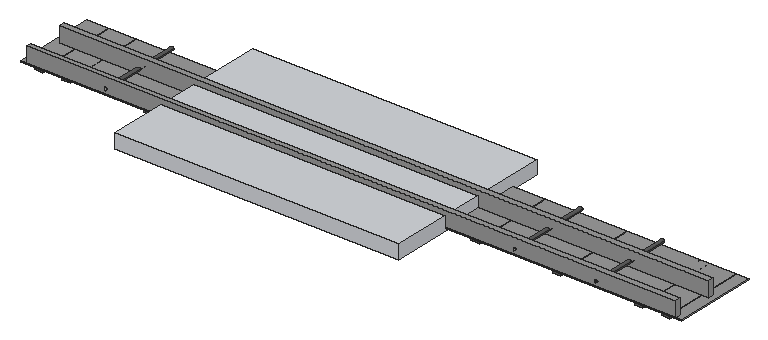
Revit family "1413-4, Veneer", category Generic Models, host Face, Revit 2020
Family settings
  Host = Face
  Can host rebar = No
  Round Connector Dimension = Use Diameter
  Part Type = Normal
  Cut with Voids When Loaded = No
  Shared = No
  Room Calculation Point = No
Parameters
  min_value [instance] = 2' - 4"  # constant formula
  max_value [instance] = 9' - 11 1/4"  # constant formula
  actual_value [instance] = if(NET LENGTH < min_value, min_value, if(NET LENGTH > max_value, max_value, NET LENGTH))  # 7' - 11 1/4"
  SCRIM MATERIAL [instance] = SCRIM
  SCRIM APPEARANCE [instance] = yes
  NET LENGTH [instance] = 7' - 11 1/4"
  IMPORTANT NOTE!!!                                                                             *Backer & dowel layout is for visualization purposes only, final layout to be determined by 9Wood. [instance] = ""
  Default Elevation = 4' - 0"
  DOWEL RADIUS [instance] = 0' - 0 1/4"  # constant formula
  BACKER & DOWEL MATERIAL [instance] = BLACK-BACKERS
  .. MEMBER WIDTH [instance] = 0' - 0 3/4"  # constant formula
  .. MEMBER MATERIAL [instance] = Veneer Cherry
  .. MEMBER DEPTH [instance] = 0' - 2 1/4"  # constant formula
  .. MEMBER COUNT [instance] = 2  # constant formula
Reference planes (in)
  plane 1 "Center (Front/Back)": y = 0
  plane 2: z = 0
  plane 3 "Center (Left/Right)": x = 0
Forms (in)
  Extrusion 1, solid
    sketch origin (0, 0, 0) x (1, 0, 0) y (0, 1, 0)
      loop
        line (-24.24823, 14.63962) -> (-24.24823, -10.69266) -> (17.36192, -10.69266) -> (17.36192, 14.63962) -> (-24.24823, 14.63962)
    from 0 to 2.0625
Dimensions and locks (in)
  aligned and locked: plane 2 to Extrusion 1
Nested families (in)
  nested 1: "1400 series" at (-44.01308, -2.1224, 0.00189), NET LENGTH <- "actual_value", .. MEMBER DEPTH <- ".. MEMBER DEPTH", .. MEMBER WIDTH <- ".. MEMBER WIDTH", DOWEL RADIUS <- "DOWEL RADIUS", BACKER & DOWEL MATERIAL <- "BACKER & DOWEL MATERIAL", .. MEMBER MATERIAL <- ".. MEMBER MATERIAL", SCRIM MATERIAL <- "SCRIM MATERIAL", MEMBER COUNT <- ".. MEMBER COUNT", SCRIM APPEARANCE <- "SCRIM APPEARANCE", type "1400 series"
    with X 7' - 8", SCRIM MATERIAL SCRIM, SCRIM LENGTH 8' - 1", SCRIM APPEARANCE yes, SCRIM 2 0' - 0 7/8", SCRIM 1 0' - 0 3/32", OC TYP 1' - 0", NET LENGTH 7' - 11 1/4", N 8, MEMBER COUNT 2, INSET 2 0' - 0 3/16", INSET 0' - 1", HALF MEMBER WIDTH 0' - 0 3/8", END BACKER yes, DOWEL RADIUS 0' - 0 1/4", DOWEL INDEX 0' - 11 5/8", DOWEL COUNT 7, BACKING M COUNT 8, BACKER WIDTH 0' - 1 1/4", BACKER INDEX 0' - 5 5/8", BACKER DEPTH 0' - 0 1/2", BACKER & DOWEL MATERIAL BLACK-BACKERS, BACKER &  DOWEL LENGTH 0' - 11 7/8", .. MEMBER WIDTH 0' - 0 3/4", .. MEMBER OC TYP 0' - 6", .. MEMBER MATERIAL Veneer Cherry, .. MEMBER DEPTH 0' - 2 1/4"
Definition of nested family "1400 series"
  Parameters (values of type "1400 series")
    X [instance] = NET LENGTH - 0' 3 1/4"  # 7' - 2"
    SCRIM MATERIAL [instance] = none
    SCRIM APPEARANCE [instance] = yes
    SCRIM 2 [instance] = 0' - 0 7/8"  # constant formula
    SCRIM 1 [instance] = 0' - 0 3/32"  # constant formula
    OC TYP [instance] = 1' - 0"  # constant formula
    N [instance] = if((X - (rounddown(X / 1' 0") * 1' 0")) > 1' 0", rounddown(X / 1' 0") + 2, rounddown(X / 1' 0") + 1)  # 8
    MEMBER COUNT [instance] = 2
    INSET 5 = 0' - 0 11/16"  # constant formula
    INSET 2 [instance] = 0' - 0 3/16"  # constant formula
    INSET [instance] = 0' - 1"  # constant formula
    END BACKER [instance] = BACKER INDEX > 0' 3 5/8"  # no
    HALF MEMBER WIDTH [instance] = .. MEMBER WIDTH / 2  # 0' - 1 1/8"
    Default Elevation = 0' - 0"
    DOWEL RADIUS [instance] = 0' - 0 1/4"
    DOWEL INDEX [instance] = BACKER INDEX + 0' 6"  # 0' - 8 5/8"
    DOWEL COUNT [instance] = N - 1  # 7
    BACKER WIDTH [instance] = 0' - 1 1/4"  # constant formula
    BACKER INDEX [instance] = (NET LENGTH - ((N - 1) * 1' 0")) / 2  # 0' - 2 5/8"
    BACKER DEPTH [instance] = 0' - 0 1/2"  # constant formula
    BACKING M COUNT [instance] = N  # 8
    BACKER & DOWEL MATERIAL [instance] = none
    BACKER &  DOWEL LENGTH [instance] = 0' - 11 7/8"  # constant formula
    SCRIM LENGTH [instance] = NET LENGTH + (SCRIM 2 * 2)  # 7' - 7"
    .. MEMBER WIDTH [instance] = 0' - 2 1/4"
    .. MEMBER OC TYP [instance] = 1' 0" / MEMBER COUNT  # 0' - 6"
    .. MEMBER MATERIAL [instance] = none
    NET LENGTH [instance] = 7' - 5 1/4"
    .. MEMBER DEPTH [instance] = 0' - 4"
  Reference planes (in)
    plane 1 "Center (Front/Back)": y = 0
    plane 2: z = 0
    plane 3 "Center (Left/Right)": x = 0
    plane 4: x = 89.25
    plane 5: x = 1
    plane 6: x = 88.25
    plane 7: x = 2.625
    plane 8: x = 8.625
    plane 9: x = 14.625
    plane 10: x = 20.625
    plane 11: y = 0.1875
    plane 12: y = 1.125
    plane 13: y = 7.125
    plane 14: y = 12.0625
    plane 15: x = 90.125
    plane 16: x = -0.875
    plane 17: y = 12.15625
    plane 18: y = -0.09375
    plane 19: z = 2.7097
    plane 20: z = 0.49811
    plane 21: z = 0.56061
    plane 22: z = 1.24811
  Lines and regions (in)
    model lines, not visible
      curve 1: line (8.625, 0, 0.99811) -> (8.625, 0, 1.49811)
      curve 2: line (8.625, 0, 1.49811) -> (8.375, 0, 1.24811)
      curve 3: line (8.375, 0, 1.24811) -> (8.875, 0, 1.24811)
      curve 4: line (20.625, 0, 0.99811) -> (20.625, 0, 1.49811)
      curve 5: line (20.625, 0, 1.49811) -> (20.375, 0, 1.24811)
      curve 6: line (20.375, 0, 1.24811) -> (20.875, 0, 1.24811)
      curve 7: line (32.625, 0, 0.99811) -> (32.625, 0, 1.49811)
      curve 8: line (32.625, 0, 1.49811) -> (32.375, 0, 1.24811)
      curve 9: line (32.375, 0, 1.24811) -> (32.875, 0, 1.24811)
      curve 10: line (44.625, 0, 0.99811) -> (44.625, 0, 1.49811)
      curve 11: line (44.625, 0, 1.49811) -> (44.375, 0, 1.24811)
      curve 12: line (44.375, 0, 1.24811) -> (44.875, 0, 1.24811)
      curve 13: line (56.625, 0, 0.99811) -> (56.625, 0, 1.49811)
      curve 14: line (56.625, 0, 1.49811) -> (56.375, 0, 1.24811)
      curve 15: line (56.375, 0, 1.24811) -> (56.875, 0, 1.24811)
      curve 16: line (68.625, 0, 0.99811) -> (68.625, 0, 1.49811)
      curve 17: line (68.625, 0, 1.49811) -> (68.375, 0, 1.24811)
      curve 18: line (68.375, 0, 1.24811) -> (68.875, 0, 1.24811)
      curve 19: line (80.625, 0, 0.99811) -> (80.625, 0, 1.49811)
      curve 20: line (80.625, 0, 1.49811) -> (80.375, 0, 1.24811)
      curve 21: line (80.375, 0, 1.24811) -> (80.875, 0, 1.24811)
  Dimensions and locks (in)
    "INSET": plane 3 "Center (Left/Right)" to plane 5
    "NET LENGTH": plane 3 "Center (Left/Right)" to plane 4
    "INSET": plane 6 to plane 4
    "BACKER INDEX": plane 3 "Center (Left/Right)" to plane 7
    "DOWEL INDEX": plane 3 "Center (Left/Right)" to plane 8
    "OC TYP": plane 7 to plane 9
    "OC TYP": plane 8 to plane 10
    "INSET 2": plane 1 "Center (Front/Back)" to plane 11
    equal spacing: group 1, group 2, group 5, group 6, group 7, group 13, group 14, group 16  (x3)
    equal spacing: group 3, group 4, group 8, group 9, group 10, group 15, group 17  (x3)
    group 11 to group 12 = 0' - 0"  (x2)
    group 11 to group 12 = 0' - 6"
    ".. MEMBER OC TYP": plane 13 to plane 12
    "HALF MEMBER WIDTH": plane 1 "Center (Front/Back)" to plane 12
    "SCRIM 2": plane 16 to plane 3 "Center (Left/Right)"
    "SCRIM 2": plane 4 to plane 15
    "SCRIM 1": plane 18 to plane 1 "Center (Front/Back)"
    "SCRIM 1": plane 17 to plane 14
    "INSET 5": plane 22 to plane 21
    aligned and locked: level to plane 2
    aligned and locked: plane 7 to nested 2
    aligned and locked: plane 5 to nested 1
    aligned and locked: plane 9 to nested 3
    aligned and locked: nested 1 to plane 5
    aligned and locked: nested 2 to plane 11
    aligned and locked: nested 1 to plane 11
    aligned and locked: nested 3 to plane 11
    aligned and locked: nested 4 to plane 11  (x2)
    aligned and locked: plane 10 to nested 5
    aligned and locked: plane 6 to nested 12
    aligned and locked: nested 5 to plane 11
    aligned and locked: plane 11 to nested 12
    aligned and locked: plane 12 to nested 13
    aligned and locked: nested 14 to plane 13
    aligned and locked: plane 14 to nested 8
    aligned and locked: plane 16 to nested 15
    aligned and locked: nested 15 to plane 18
    aligned and locked: nested 15 to plane 17
    aligned and locked: nested 15 to plane 16  (x2)
    aligned and locked: nested 1 to level
    aligned and locked: level to nested 3
    aligned and locked: plane 20 to nested 2
    aligned and locked: plane 20 to nested 1
    aligned and locked: plane 20 to nested 3
    aligned and locked: nested 12 to plane 20
    aligned and locked: nested 15 to plane 20
    aligned and locked: plane 21 to nested 15
    aligned and locked: nested 13 to plane 21
    aligned and locked: plane 22 to nested 4
    aligned and locked: plane 22 to nested 5
    aligned and locked: nested 13 to plane 8
    aligned and locked: plane 10 to nested 13
    aligned and locked: curve 1 to nested 13
    aligned and locked: nested 13 to curve 4
  Automatic sketch dimensions
    curve 3 to curve 1 = 0' - 0 1/4"  (x2)
    curve 1 to curve 3 = 0' - 0 1/4"
    curve 1 to curve 2 = 0' - 0 1/4"
    curve 6 to curve 4 = 0' - 0 1/4"  (x2)
    curve 4 to curve 6 = 0' - 0 1/4"
    curve 4 to curve 5 = 0' - 0 1/4"
    curve 9 to curve 7 = 0' - 0 1/4"  (x2)
    curve 7 to curve 9 = 0' - 0 1/4"
    curve 7 to curve 8 = 0' - 0 1/4"
    curve 12 to curve 10 = 0' - 0 1/4"  (x2)
    curve 10 to curve 12 = 0' - 0 1/4"
    curve 10 to curve 11 = 0' - 0 1/4"
    curve 15 to curve 13 = 0' - 0 1/4"  (x2)
    curve 13 to curve 15 = 0' - 0 1/4"
    curve 13 to curve 14 = 0' - 0 1/4"
    curve 18 to curve 16 = 0' - 0 1/4"  (x2)
    curve 16 to curve 18 = 0' - 0 1/4"
    curve 16 to curve 17 = 0' - 0 1/4"
    curve 21 to curve 19 = 0' - 0 1/4"  (x2)
    curve 19 to curve 21 = 0' - 0 1/4"
    curve 19 to curve 20 = 0' - 0 1/4"
  Nested families (in)
    nested 1: "INSTANCE - 3RD -  EXTEND BOTH SIDES - Parametric Cube.0001" at (1, 0.1875, 0.49811), Length <- "BACKER &  DOWEL LENGTH", Width <- "BACKER WIDTH", Height <- "BACKER DEPTH", Material <- "BACKER & DOWEL MATERIAL", visible <- "END BACKER", type "INSTANCE - 3RD -  EXTEND BOTH SIDES - Parametric Cube.0001"
      with Width 0' - 1 1/4", Material none, Length 0' - 11 7/8", Height 0' - 0 1/2"
    nested 2: "INSTANCE - 2ND -  EXTEND SIDE H CENTER W - Parametric Cube.0001" at (2.625, 0.1875, 0.49811), Width <- "BACKER WIDTH", Length <- "BACKER &  DOWEL LENGTH", Height <- "BACKER DEPTH", Material <- "BACKER & DOWEL MATERIAL", type "INSTANCE - 2ND -  EXTEND SIDE H CENTER W - Parametric Cube.0001"
      with Width 0' - 1 1/4", Material none, Length 0' - 11 7/8", Height 0' - 0 1/2"
    nested 3: "INSTANCE - 2ND -  EXTEND SIDE H CENTER W - Parametric Cube.0001" at (14.625, 0.1875, 0.49811), Width <- "BACKER WIDTH", Length <- "BACKER &  DOWEL LENGTH", Height <- "BACKER DEPTH", Material <- "BACKER & DOWEL MATERIAL", type "INSTANCE - 2ND -  EXTEND SIDE H CENTER W - Parametric Cube.0001"
      with Width 0' - 1 1/4", Material none, Length 0' - 11 7/8", Height 0' - 0 1/2"
    nested 4: "DOWEL" at (-1.375, 0.1875, 1.24811), DOWEL LENGTH <- "BACKER &  DOWEL LENGTH", DOWEL RADII <- "DOWEL RADIUS", BACKING MEM MATERIAL <- "BACKER & DOWEL MATERIAL", type "DOWEL"
      with DOWEL RADII 0' - 0 1/4", DOWEL LENGTH 0' - 11 7/8", BACKING MEM MATERIAL none
    nested 5: "DOWEL" at (10.625, 0.1875, 1.24811), DOWEL LENGTH <- "BACKER &  DOWEL LENGTH", DOWEL RADII <- "DOWEL RADIUS", BACKING MEM MATERIAL <- "BACKER & DOWEL MATERIAL", type "DOWEL"
      with DOWEL RADII 0' - 0 1/4", DOWEL LENGTH 0' - 11 7/8", BACKING MEM MATERIAL none
    nested 6: "INSTANCE - 2ND -  EXTEND SIDE H CENTER W - Parametric Cube.0001" at (26.625, 0.1875, 0.49811), Width <- "BACKER WIDTH", Length <- "BACKER &  DOWEL LENGTH", Height <- "BACKER DEPTH", Material <- "BACKER & DOWEL MATERIAL", type "INSTANCE - 2ND -  EXTEND SIDE H CENTER W - Parametric Cube.0001"
      with Width 0' - 1 1/4", Material none, Length 0' - 11 7/8", Height 0' - 0 1/2"
    nested 7: "INSTANCE - 2ND -  EXTEND SIDE H CENTER W - Parametric Cube.0001" at (38.625, 0.1875, 0.49811), Width <- "BACKER WIDTH", Length <- "BACKER &  DOWEL LENGTH", Height <- "BACKER DEPTH", Material <- "BACKER & DOWEL MATERIAL", type "INSTANCE - 2ND -  EXTEND SIDE H CENTER W - Parametric Cube.0001"
      with Width 0' - 1 1/4", Material none, Length 0' - 11 7/8", Height 0' - 0 1/2"
    nested 8: "INSTANCE - 2ND -  EXTEND SIDE H CENTER W - Parametric Cube.0001" at (50.625, 0.1875, 0.49811), Width <- "BACKER WIDTH", Length <- "BACKER &  DOWEL LENGTH", Height <- "BACKER DEPTH", Material <- "BACKER & DOWEL MATERIAL", type "INSTANCE - 2ND -  EXTEND SIDE H CENTER W - Parametric Cube.0001"
      with Width 0' - 1 1/4", Material none, Length 0' - 11 7/8", Height 0' - 0 1/2"
    nested 9: "DOWEL" at (22.625, 0.1875, 1.24811), DOWEL LENGTH <- "BACKER &  DOWEL LENGTH", DOWEL RADII <- "DOWEL RADIUS", BACKING MEM MATERIAL <- "BACKER & DOWEL MATERIAL", type "DOWEL"
      with DOWEL RADII 0' - 0 1/4", DOWEL LENGTH 0' - 11 7/8", BACKING MEM MATERIAL none
    nested 10: "DOWEL" at (34.625, 0.1875, 1.24811), DOWEL LENGTH <- "BACKER &  DOWEL LENGTH", DOWEL RADII <- "DOWEL RADIUS", BACKING MEM MATERIAL <- "BACKER & DOWEL MATERIAL", type "DOWEL"
      with DOWEL RADII 0' - 0 1/4", DOWEL LENGTH 0' - 11 7/8", BACKING MEM MATERIAL none
    nested 11: "DOWEL" at (46.625, 0.1875, 1.24811), DOWEL LENGTH <- "BACKER &  DOWEL LENGTH", DOWEL RADII <- "DOWEL RADIUS", BACKING MEM MATERIAL <- "BACKER & DOWEL MATERIAL", type "DOWEL"
      with DOWEL RADII 0' - 0 1/4", DOWEL LENGTH 0' - 11 7/8", BACKING MEM MATERIAL none
    nested 12: "INSTANCE - 3RD -  EXTEND BOTH SIDES - Parametric Cube.0001" at (88.25, 0.1875, 0.49811) x (-1, 0, 0) z (0, 0, 1), Width <- "BACKER WIDTH", Length <- "BACKER &  DOWEL LENGTH", Height <- "BACKER DEPTH", Material <- "BACKER & DOWEL MATERIAL", visible <- "END BACKER", type "INSTANCE - 3RD -  EXTEND BOTH SIDES - Parametric Cube.0001"
      with Width 0' - 1 1/4", Material none, Length 0' - 11 7/8", Height 0' - 0 1/2"
    nested 13: "HOLED MEMBER" at (0, -9.75, 8.12965), DOWEL INDEX <- "DOWEL INDEX", .. MEMBER LENGTH <- "NET LENGTH", .. MEMBER WIDTH <- ".. MEMBER WIDTH", DOWEL OC DIST <- "OC TYP", DOWEL RADII <- "DOWEL RADIUS", Material <- ".. MEMBER MATERIAL", DEPTH <- ".. MEMBER DEPTH", DOWEL COUNT <- "DOWEL COUNT", Space <- "INSET 5", type "HOLED MEMBER"
      with Space 0' - 0 11/16", Material none, Height 0' - 10.43096", HALF MEMBER WIDTH 0' - 1 1/8", DOWEL RADII 0' - 0 1/4", DOWEL OC DIST 1' - 0", DOWEL INDEX 0' - 8 5/8", DOWEL COUNT 7, DEPTH 0' - 4", .. MEMBER WIDTH 0' - 2 1/4", .. MEMBER LENGTH 7' - 5 1/4"
    nested 14: "HOLED MEMBER" at (0, -3.75, 8.12965), DOWEL INDEX <- "DOWEL INDEX", .. MEMBER LENGTH <- "NET LENGTH", .. MEMBER WIDTH <- ".. MEMBER WIDTH", DOWEL OC DIST <- "OC TYP", DOWEL RADII <- "DOWEL RADIUS", Material <- ".. MEMBER MATERIAL", DEPTH <- ".. MEMBER DEPTH", DOWEL COUNT <- "DOWEL COUNT", Space <- "INSET 5", type "HOLED MEMBER"
      with Space 0' - 0 11/16", Material none, Height 0' - 10.43096", HALF MEMBER WIDTH 0' - 1 1/8", DOWEL RADII 0' - 0 1/4", DOWEL OC DIST 1' - 0", DOWEL INDEX 0' - 8 5/8", DOWEL COUNT 7, DEPTH 0' - 4", .. MEMBER WIDTH 0' - 2 1/4", .. MEMBER LENGTH 7' - 5 1/4"
    nested 15: "INSTANCE - 3RD -  EXTEND BOTH SIDES - Parametric Cube.0001" at (-0.875, -0.09375, 0.56061), Width <- "SCRIM LENGTH", Material <- "SCRIM MATERIAL", visible <- "SCRIM APPEARANCE", type "INSTANCE - 3RD -  EXTEND BOTH SIDES - Parametric Cube.0001"
      with Width 7' - 7", Material none, Length 1' - 0 1/4", Height 0' - 0 1/16"
    nested 16: "INSTANCE - 2ND -  EXTEND SIDE H CENTER W - Parametric Cube.0001" at (62.625, 0.1875, 0.49811), Width <- "BACKER WIDTH", Length <- "BACKER &  DOWEL LENGTH", Height <- "BACKER DEPTH", Material <- "BACKER & DOWEL MATERIAL", type "INSTANCE - 2ND -  EXTEND SIDE H CENTER W - Parametric Cube.0001"
      with Width 0' - 1 1/4", Material none, Length 0' - 11 7/8", Height 0' - 0 1/2"
    nested 17: "INSTANCE - 2ND -  EXTEND SIDE H CENTER W - Parametric Cube.0001" at (74.625, 0.1875, 0.49811), Width <- "BACKER WIDTH", Length <- "BACKER &  DOWEL LENGTH", Height <- "BACKER DEPTH", Material <- "BACKER & DOWEL MATERIAL", type "INSTANCE - 2ND -  EXTEND SIDE H CENTER W - Parametric Cube.0001"
      with Width 0' - 1 1/4", Material none, Length 0' - 11 7/8", Height 0' - 0 1/2"
    nested 18: "DOWEL" at (58.625, 0.1875, 1.24811), DOWEL LENGTH <- "BACKER &  DOWEL LENGTH", DOWEL RADII <- "DOWEL RADIUS", BACKING MEM MATERIAL <- "BACKER & DOWEL MATERIAL", type "DOWEL"
      with DOWEL RADII 0' - 0 1/4", DOWEL LENGTH 0' - 11 7/8", BACKING MEM MATERIAL none
    nested 19: "INSTANCE - 2ND -  EXTEND SIDE H CENTER W - Parametric Cube.0001" at (86.625, 0.1875, 0.49811), Width <- "BACKER WIDTH", Length <- "BACKER &  DOWEL LENGTH", Height <- "BACKER DEPTH", Material <- "BACKER & DOWEL MATERIAL", type "INSTANCE - 2ND -  EXTEND SIDE H CENTER W - Parametric Cube.0001"
      with Width 0' - 1 1/4", Material none, Length 0' - 11 7/8", Height 0' - 0 1/2"
    nested 20: "DOWEL" at (70.625, 0.1875, 1.24811), DOWEL LENGTH <- "BACKER &  DOWEL LENGTH", DOWEL RADII <- "DOWEL RADIUS", BACKING MEM MATERIAL <- "BACKER & DOWEL MATERIAL", type "DOWEL"
      with DOWEL RADII 0' - 0 1/4", DOWEL LENGTH 0' - 11 7/8", BACKING MEM MATERIAL none
  Definition of nested family "INSTANCE - 3RD -  EXTEND BOTH SIDES - Parametric Cube.0001"
    Parameters (values of type "INSTANCE - 3RD -  EXTEND BOTH SIDES - Parametric Cube.0001")
      Width [instance] = 0' - 6"
      Material [instance] = none
      Length [instance] = 1' - 0"
      Height [instance] = 1' - 6"
      Default Elevation = 0' - 0"
    Reference planes (in)
      plane 1 "Center (Front/Back)": y = 0
      plane 2: z = 0
      plane 3 "Center (Left/Right)": x = 0
      plane 4: x = 6
      plane 5: y = 12
      plane 6: z = -18
    Forms (in)
      Extrusion 1, solid, material <- "Material"
        sketch origin (0, 6, 0) x (1, 0, 0) y (0, 1, 0)
          loop
            line (0, 6) -> (0, -6) -> (6, -6) -> (6, 6) -> (0, 6)
        from -18 to 0
    Dimensions and locks (in)
      "Height": plane 6 to level
      "Length": plane 1 "Center (Front/Back)" to plane 5
      "Width": plane 3 "Center (Left/Right)" to plane 4
      aligned and locked: plane 2 to level
      aligned and locked: Extrusion 1 sketch curve to plane 4
      aligned and locked: Extrusion 1 to plane 6
      aligned and locked: plane 5 to Extrusion 1
      aligned and locked: Extrusion 1 to plane 3 "Center (Left/Right)"
    Automatic sketch dimensions
      plane 1 "Center (Front/Back)" to Extrusion 1 sketch curve = 0' - 0"
      plane 5 to Extrusion 1 sketch curve = 0' - 0"
      Extrusion 1 sketch curve to plane 3 "Center (Left/Right)" = 0' - 0"
  Definition of nested family "INSTANCE - 2ND -  EXTEND SIDE H CENTER W - Parametric Cube.0001"
    Parameters (values of type "INSTANCE - 2ND -  EXTEND SIDE H CENTER W - Parametric Cube.0001")
      Width [instance] = 0' - 6"
      Material [instance] = none
      Length [instance] = 1' - 0"
      Height [instance] = 1' - 6"
      Default Elevation = 0' - 0"
    Reference planes (in)
      plane 1 "Center (Front/Back)": y = 0
      plane 2: z = 0
      plane 3 "Center (Left/Right)": x = 0
      plane 4: x = -3
      plane 5: x = 3
      plane 6: y = 12
      plane 7: z = -18
    Forms (in)
      Extrusion 1, solid, material <- "Material"
        sketch origin (0, 6, 0) x (1, 0, 0) y (0, 1, 0)
          loop
            line (-3, 6) -> (-3, -6) -> (3, -6) -> (3, 6) -> (-3, 6)
        from -18 to 0
    Dimensions and locks (in)
      equal spacing: plane 4, plane 3 "Center (Left/Right)", plane 5
      "Width": plane 4 to plane 5
      "Height": plane 7 to level
      "Length": plane 1 "Center (Front/Back)" to plane 6
      aligned and locked: plane 2 to level
      aligned and locked: plane 4 to Extrusion 1 sketch curve
      aligned and locked: Extrusion 1 sketch curve to plane 5
      aligned and locked: Extrusion 1 to plane 7
      aligned and locked: plane 6 to Extrusion 1
    Automatic sketch dimensions
      plane 1 "Center (Front/Back)" to Extrusion 1 sketch curve = 0' - 0"
      plane 6 to Extrusion 1 sketch curve = 0' - 0"
  Definition of nested family "DOWEL"
    Parameters (values of type "DOWEL")
      Default Elevation = 0' - 0"
      DOWEL RADII [instance] = 0' - 0 5/8"
      DOWEL LENGTH [instance] = 1' - 0"
      BACKING MEM MATERIAL [instance] = none
    Reference planes (in)
      plane 1 "Center (Front/Back)": y = 0
      plane 2: z = 0
      plane 3 "Center (Left/Right)": x = 0
      plane 4: y = 12
    Forms (in)
      Extrusion 1, solid, material <- "BACKING MEM MATERIAL"
        sketch origin (10, 0, 0) x (1, 0, 0) y (0, 0, 1)
          loop
            circle (0, 0) r 0.625
        from 0 to -12
      Extrusion 2, solid, not visible
        sketch origin (0, 0, 0) x (1, 0, 0) y (0, 0, 1)
          loop
            circle (0, 0) r 0.625
        from 0 to 12
      Extrusion 3, solid, not visible
        sketch origin (10, 0, 0) x (1, 0, 0) y (0, 0, 1)
          loop
            circle (0, 0) r 0.625
        from 0 to 2.5
      Extrusion 4, solid, not visible
        sketch origin (10, 0, 0) x (1, 0, 0) y (0, 0, 1)
          loop
            circle (0, 0) r 0.625
        from 0 to -12
    Lines and regions (in)
      model lines, not visible
        curve 1: line (-13, 0, 0) -> (-13, -12, 0)
        curve 2: line (13, 0, 0) -> (13, -12, 0)
        curve 3: line (9.89453, 0, 0) -> (10.08794, 0, 0)
        curve 4: line (9.89453, -2.5, 0) -> (10.08794, -2.5, 0)
        curve 6: line (10, 0, 0) -> (10, 2, 0)
      model lines
        curve 5: line (10, 0, 0) -> (10, 2, 0)
    Dimensions and locks (in)
      "DOWEL LENGTH": plane 1 "Center (Front/Back)" to plane 4
      "DOWEL RADII": radius of Extrusion 1 sketch curve
      "DOWEL RADII": radius of Extrusion 2 sketch curve
      "DOWEL RADII": radius of Extrusion 3 sketch curve
      "DOWEL RADII": radius of Extrusion 4 sketch curve
      "DOWEL RADII": radius of Extrusion 1
      aligned and locked: plane 2 to level
      aligned and locked: Extrusion 1 to plane 1 "Center (Front/Back)"  (x3)
      aligned and locked: plane 1 "Center (Front/Back)" to Extrusion 1
      aligned and locked: plane 4 to Extrusion 1
    Automatic sketch dimensions
      plane 1 "Center (Front/Back)" to curve 5 = 0' - 0"
      curve 5 to plane 1 "Center (Front/Back)" = 0' - 2"
      plane 3 "Center (Left/Right)" to curve 5 = 0' - 10"
      Extrusion 1 sketch curve to level = 0' - 0"
      plane 3 "Center (Left/Right)" to Extrusion 1 sketch curve = 0' - 10"
  Definition of nested family "HOLED MEMBER"
    Parameters (values of type "HOLED MEMBER")
      Space [instance] = 0' - 0 5/8"
      Material [instance] = none
      Height [instance] = 0' - 10.43096"
      HALF MEMBER WIDTH [instance] = .. MEMBER WIDTH / 2  # 0' - 0 5/16"
      Default Elevation = 0' - 0"
      DOWEL RADII [instance] = 0' - 0.34537"
      DOWEL OC DIST [instance] = 1' - 0"
      DOWEL INSET = 0' - 0 5/8"
      DOWEL INDEX [instance] = 0' - 5 5/8"
      DOWEL COUNT [instance] = 6
      DEPTH [instance] = 0' - 2"
      .. MEMBER WIDTH [instance] = 0' - 0 5/8"
      .. MEMBER LENGTH [instance] = 5' - 11 3/4"
    Reference planes (in)
      plane 1 "Center (Front/Back)": y = 12
      plane 2: z = -7.56904
      plane 3 "Center (Left/Right)": x = 0
      plane 4: x = 5.625
      plane 5: x = 17.625
      plane 6: y = 11.375
      plane 7: x = 71.75
      plane 8: y = 11.6875
      plane 9: z = -6.94404
      plane 10: z = -5.56904
    Forms (in)
      Extrusion 1, solid, material <- "Material"
        sketch origin (0, 12, -13.56904) x (1, 0, 0) y (0, 0, 1)
          loop
            line (0, 6) -> (71.75, 6) -> (71.75, 8) -> (0, 8) -> (0, 6)
        from 0.625 to 0
      Extrusion 2, void
        sketch origin (0, 12, -18.31904) x (1, 0, 0) y (0, 0, 1)
          loop
            circle (5.625, 11.375) r 0.34537
        from 0 to 12
      Extrusion 3, void, not visible
        sketch origin (0, 0, 0) x (1, 0, 0) y (0, 1, 0)
          loop
            circle (5.625, 11.375) r 0.34537
        from 0 to 12
      Extrusion 4, void, not visible
        sketch origin (0, 0, 0) x (1, 0, 0) y (0, 1, 0)
          loop
            circle (5.625, 11.375) r 0.34537
        from 0 to 12
      Extrusion 5, void, not visible
        sketch origin (12, 0, 0) x (1, 0, 0) y (0, 1, 0)
          loop
            circle (5.625, 11.375) r 0.34537
        from 0 to 12
      Extrusion 6, void, not visible
        sketch origin (0, 12, -17.56904) x (1, 0, 0) y (0, 0, 1)
          loop
            circle (5.625, 11.375) r 0.34537
        from 0 to 12
      Extrusion 7, void, not visible
        sketch origin (12, 12, -17.56904) x (1, 0, 0) y (0, 0, 1)
          loop
            circle (5.625, 11.375) r 0.34537
        from 0 to 12
      Extrusion 8, void, not visible
        sketch origin (0, 12, -19.56904) x (1, 0, 0) y (0, 0, 1)
          loop
            circle (5.625, 11.375) r 0.34537
        from 0 to 12
      Extrusion 9, void
        sketch origin (12, 12, -18.31904) x (1, 0, 0) y (0, 0, 1)
          loop
            circle (5.625, 11.375) r 0.34537
        from 0 to 12
      Extrusion 10, void
        sketch origin (24, 12, -18.31904) x (1, 0, 0) y (0, 0, 1)
          loop
            circle (5.625, 11.375) r 0.34537
        from 0 to 12
      Extrusion 11, void
        sketch origin (36, 12, -18.31904) x (1, 0, 0) y (0, 0, 1)
          loop
            circle (5.625, 11.375) r 0.34537
        from 0 to 12
      Extrusion 12, void
        sketch origin (48, 12, -18.31904) x (1, 0, 0) y (0, 0, 1)
          loop
            circle (5.625, 11.375) r 0.34537
        from 0 to 12
      Extrusion 13, void
        sketch origin (60, 12, -18.31904) x (1, 0, 0) y (0, 0, 1)
          loop
            circle (5.625, 11.375) r 0.34537
        from 0 to 12
      Extrusion 14, void, not visible
        sketch origin (24, 12, -17.56904) x (1, 0, 0) y (0, 0, 1)
          loop
            circle (5.625, 11.375) r 0.34537
        from 0 to 12
      Extrusion 15, void, not visible
        sketch origin (36, 12, -17.56904) x (1, 0, 0) y (0, 0, 1)
          loop
            circle (5.625, 11.375) r 0.34537
        from 0 to 12
      Extrusion 16, void, not visible
        sketch origin (48, 12, -17.56904) x (1, 0, 0) y (0, 0, 1)
          loop
            circle (5.625, 11.375) r 0.34537
        from 0 to 12
      Extrusion 17, void, not visible
        sketch origin (60, 12, -17.56904) x (1, 0, 0) y (0, 0, 1)
          loop
            circle (5.625, 11.375) r 0.34537
        from 0 to 12
      Extrusion 18, void, not visible
        sketch origin (24, 0, 0) x (1, 0, 0) y (0, 1, 0)
          loop
            circle (5.625, 11.375) r 0.34537
        from 0 to 12
      Extrusion 19, void, not visible
        sketch origin (36, 0, 0) x (1, 0, 0) y (0, 1, 0)
          loop
            circle (5.625, 11.375) r 0.34537
        from 0 to 12
      Extrusion 20, void, not visible
        sketch origin (48, 0, 0) x (1, 0, 0) y (0, 1, 0)
          loop
            circle (5.625, 11.375) r 0.34537
        from 0 to 12
      Extrusion 21, void, not visible
        sketch origin (60, 0, 0) x (1, 0, 0) y (0, 1, 0)
          loop
            circle (5.625, 11.375) r 0.34537
        from 0 to 12
    Cuts and joins
      Extrusion 2, Extrusion 9, Extrusion 10, Extrusion 11, Extrusion 12, Extrusion 13 cuts Extrusion 1
    Lines and regions (in)
      model lines, not visible
        curve 1: line (5.625, 11.72037, 0) -> (5.625, 11.02963, 0)
        curve 2: line (5.625, 11.72037, 0) -> (5.625, 11.02963, 0)
        curve 3: line (17.625, 11.72037, 0) -> (17.625, 11.02963, 0)
        curve 4: line (5.625, 12, -7.56904) -> (5.625, 11.87317, -7.56904)
        curve 5: line (5.625, 11.87317, -7.56904) -> (5.06195, 11.87317, -7.56904)
        curve 6: line (5.06195, 11.87317, -7.56904) -> (5.27963, 11.375, -7.56904)
        curve 7: line (0, 12, -6.19404) -> (0, 11.61951, -6.19404)
        curve 9: line (0, 11.375, -8.19404) -> (0, 11.6747, -8.19404)
        curve 10: line (5.625, 12, -7.56904) -> (5.625, 11.69863, -7.56904)
        curve 11: line (5.625, 12, -7.56904) -> (5.625, 11.69863, -7.56904)
        curve 12: line (5.625, 10.75, 0) -> (5.625, 10.75, 0.30137)
        curve 13: line (5.625, 10.75, 0) -> (5.625, 10.75, 0.30137)
        curve 14: line (17.625, 10.75, 0) -> (17.625, 10.75, 0.30137)
        curve 15: line (5.625, 12, -6.81904) -> (5.625, 11.69863, -6.81904)
        curve 16: line (17.625, 12, -6.81904) -> (17.625, 11.69863, -6.81904)
        curve 17: line (5.625, 12, -8.81904) -> (5.625, 11.69863, -8.81904)
        curve 18: line (17.625, 12, -7.56904) -> (17.625, 11.69863, -7.56904)
        curve 19: line (29.625, 12, -7.56904) -> (29.625, 11.69863, -7.56904)
        curve 20: line (41.625, 12, -7.56904) -> (41.625, 11.69863, -7.56904)
        curve 21: line (53.625, 12, -7.56904) -> (53.625, 11.69863, -7.56904)
        curve 22: line (65.625, 12, -7.56904) -> (65.625, 11.69863, -7.56904)
        curve 23: line (29.625, 12, -6.81904) -> (29.625, 11.69863, -6.81904)
        curve 24: line (41.625, 12, -6.81904) -> (41.625, 11.69863, -6.81904)
        curve 25: line (53.625, 12, -6.81904) -> (53.625, 11.69863, -6.81904)
        curve 26: line (65.625, 12, -6.81904) -> (65.625, 11.69863, -6.81904)
        curve 27: line (29.625, 11.72037, 0) -> (29.625, 11.02963, 0)
        curve 28: line (29.625, 10.75, 0) -> (29.625, 10.75, 0.30137)
        curve 29: line (41.625, 11.72037, 0) -> (41.625, 11.02963, 0)
        curve 30: line (41.625, 10.75, 0) -> (41.625, 10.75, 0.30137)
        curve 31: line (53.625, 11.72037, 0) -> (53.625, 11.02963, 0)
        curve 32: line (53.625, 10.75, 0) -> (53.625, 10.75, 0.30137)
        curve 33: line (65.625, 11.72037, 0) -> (65.625, 11.02963, 0)
        curve 34: line (65.625, 10.75, 0) -> (65.625, 10.75, 0.30137)
        curve 35: line (5.27963, 12, -6.94404) -> (5.97037, 12, -6.94404)
        curve 36: line (5.97037, 12, -6.94404) -> (5.625, 12, -6.59867)
        curve 37: line (5.625, 12, -6.59867) -> (5.625, 12, -7.28941)
        curve 38: line (5.27963, 11.375, 0) -> (5.97037, 11.375, 0)
        curve 39: line (5.97037, 11.375, 0) -> (5.625, 11.72037, 0)
        curve 40: line (5.625, 11.72037, 0) -> (5.625, 11.02963, 0)
        curve 41: line (5.27963, 11.375, 0) -> (5.97037, 11.375, 0)
        curve 42: line (5.97037, 11.375, 0) -> (5.625, 11.72037, 0)
        curve 43: line (5.625, 11.72037, 0) -> (5.625, 11.02963, 0)
        curve 44: line (17.27963, 11.375, 0) -> (17.97037, 11.375, 0)
        curve 45: line (17.97037, 11.375, 0) -> (17.625, 11.72037, 0)
        curve 46: line (17.625, 11.72037, 0) -> (17.625, 11.02963, 0)
        curve 47: line (5.27963, 12, -6.19404) -> (5.97037, 12, -6.19404)
        curve 48: line (5.97037, 12, -6.19404) -> (5.625, 12, -5.84867)
        curve 49: line (5.625, 12, -5.84867) -> (5.625, 12, -6.53941)
        curve 50: line (17.27963, 12, -6.19404) -> (17.97037, 12, -6.19404)
        curve 51: line (17.97037, 12, -6.19404) -> (17.625, 12, -5.84867)
        curve 52: line (17.625, 12, -5.84867) -> (17.625, 12, -6.53941)
        curve 53: line (5.27963, 12, -8.19404) -> (5.97037, 12, -8.19404)
        curve 54: line (5.97037, 12, -8.19404) -> (5.625, 12, -7.84867)
        curve 55: line (5.625, 12, -7.84867) -> (5.625, 12, -8.53941)
        curve 56: line (17.27963, 12, -6.94404) -> (17.97037, 12, -6.94404)
        curve 57: line (17.97037, 12, -6.94404) -> (17.625, 12, -6.59867)
        curve 58: line (17.625, 12, -6.59867) -> (17.625, 12, -7.28941)
        curve 59: line (29.27963, 12, -6.94404) -> (29.97037, 12, -6.94404)
        curve 60: line (29.97037, 12, -6.94404) -> (29.625, 12, -6.59867)
        curve 61: line (29.625, 12, -6.59867) -> (29.625, 12, -7.28941)
        curve 62: line (41.27963, 12, -6.94404) -> (41.97037, 12, -6.94404)
        curve 63: line (41.97037, 12, -6.94404) -> (41.625, 12, -6.59867)
        curve 64: line (41.625, 12, -6.59867) -> (41.625, 12, -7.28941)
        curve 65: line (53.27963, 12, -6.94404) -> (53.97037, 12, -6.94404)
        curve 66: line (53.97037, 12, -6.94404) -> (53.625, 12, -6.59867)
        curve 67: line (53.625, 12, -6.59867) -> (53.625, 12, -7.28941)
        curve 68: line (65.27963, 12, -6.94404) -> (65.97037, 12, -6.94404)
        curve 69: line (65.97037, 12, -6.94404) -> (65.625, 12, -6.59867)
        curve 70: line (65.625, 12, -6.59867) -> (65.625, 12, -7.28941)
        curve 71: line (29.27963, 12, -6.19404) -> (29.97037, 12, -6.19404)
        curve 72: line (29.97037, 12, -6.19404) -> (29.625, 12, -5.84867)
        curve 73: line (29.625, 12, -5.84867) -> (29.625, 12, -6.53941)
        curve 74: line (41.27963, 12, -6.19404) -> (41.97037, 12, -6.19404)
        curve 75: line (41.97037, 12, -6.19404) -> (41.625, 12, -5.84867)
        curve 76: line (41.625, 12, -5.84867) -> (41.625, 12, -6.53941)
        curve 77: line (53.27963, 12, -6.19404) -> (53.97037, 12, -6.19404)
        curve 78: line (53.97037, 12, -6.19404) -> (53.625, 12, -5.84867)
        curve 79: line (53.625, 12, -5.84867) -> (53.625, 12, -6.53941)
        curve 80: line (65.27963, 12, -6.19404) -> (65.97037, 12, -6.19404)
        curve 81: line (65.97037, 12, -6.19404) -> (65.625, 12, -5.84867)
        curve 82: line (65.625, 12, -5.84867) -> (65.625, 12, -6.53941)
        curve 83: line (29.27963, 11.375, 0) -> (29.97037, 11.375, 0)
        curve 84: line (29.97037, 11.375, 0) -> (29.625, 11.72037, 0)
        curve 85: line (29.625, 11.72037, 0) -> (29.625, 11.02963, 0)
        curve 86: line (41.27963, 11.375, 0) -> (41.97037, 11.375, 0)
        curve 87: line (41.97037, 11.375, 0) -> (41.625, 11.72037, 0)
        curve 88: line (41.625, 11.72037, 0) -> (41.625, 11.02963, 0)
        curve 89: line (53.27963, 11.375, 0) -> (53.97037, 11.375, 0)
        curve 90: line (53.97037, 11.375, 0) -> (53.625, 11.72037, 0)
        curve 91: line (53.625, 11.72037, 0) -> (53.625, 11.02963, 0)
        curve 92: line (65.27963, 11.375, 0) -> (65.97037, 11.375, 0)
        curve 93: line (65.97037, 11.375, 0) -> (65.625, 11.72037, 0)
        curve 94: line (65.625, 11.72037, 0) -> (65.625, 11.02963, 0)
      model lines
        curve 8: line (5.625, 12, -7.56904) -> (5.625, 11.69863, -7.56904)
    Dimensions and locks (in)
      "DOWEL INDEX": plane 3 "Center (Left/Right)" to plane 4
      "DOWEL OC DIST": plane 4 to plane 5
      ".. MEMBER LENGTH": plane 3 "Center (Left/Right)" to plane 7
      equal spacing: group 3, group 4, group 21, group 22, group 23, group 24  (x3)
      equal spacing: group 7, group 8, group 17, group 18, group 19, group 20  (x3)
      ".. MEMBER WIDTH": plane 6 to plane 1 "Center (Front/Back)"
      "HALF MEMBER WIDTH": plane 8 to plane 1 "Center (Front/Back)"
      equal spacing: group 1, group 12, group 13, group 14, group 15, group 16  (x2)
      equal spacing: group 16, group 15, group 14, group 13, group 12, group 1
      "DEPTH": plane 10 to level
      "Space": plane 9 to level
      "DOWEL RADII": radius of Extrusion 2 sketch curve
      "DOWEL RADII": radius of Extrusion 3 sketch curve
      "DOWEL RADII": radius of Extrusion 4 sketch curve
      "DOWEL RADII": radius of Extrusion 5 sketch curve
      "DOWEL RADII": radius of Extrusion 6 sketch curve
      "DOWEL RADII": radius of Extrusion 7 sketch curve
      "DOWEL RADII": radius of Extrusion 8 sketch curve
      "DOWEL RADII": radius of Extrusion 9 sketch curve
      "DOWEL RADII": radius of Extrusion 10 sketch curve
      "DOWEL RADII": radius of Extrusion 11 sketch curve
      "DOWEL RADII": radius of Extrusion 12 sketch curve
      "DOWEL RADII": radius of Extrusion 13 sketch curve
      "DOWEL RADII": radius of Extrusion 14 sketch curve
      "DOWEL RADII": radius of Extrusion 15 sketch curve
      "DOWEL RADII": radius of Extrusion 16 sketch curve
      "DOWEL RADII": radius of Extrusion 17 sketch curve
      "DOWEL RADII": radius of Extrusion 18 sketch curve
      "DOWEL RADII": radius of Extrusion 19 sketch curve
      "DOWEL RADII": radius of Extrusion 20 sketch curve
      "DOWEL RADII": radius of Extrusion 21 sketch curve
      aligned and locked: level to plane 2
      aligned and locked: Extrusion 1 to plane 3 "Center (Left/Right)"  (x2)
      aligned and locked: plane 7 to cut or joined group of Extrusion 1, Extrusion 2, Extrusion 9, Extrusion 10, Extrusion 11, Extrusion 12, Extrusion 13  (x2)
      aligned and locked: cut or joined group of Extrusion 1, Extrusion 2, Extrusion 9, Extrusion 10, Extrusion 11, Extrusion 12, Extrusion 13 to plane 1 "Center (Front/Back)"  (x2)
      aligned and locked: cut or joined group of Extrusion 1, Extrusion 2, Extrusion 9, Extrusion 10, Extrusion 11, Extrusion 12, Extrusion 13 to plane 6  (x2)
      aligned and locked: plane 4 to curve 11
      aligned and locked: curve 18 to plane 5
      aligned and locked: plane 4 to group 1
      aligned and locked: group 12 to plane 5
      aligned and locked: curve 35 to plane 9
      aligned and locked: plane 4 to curve 37
      aligned and locked: curve 56 to plane 9
      aligned and locked: curve 58 to plane 5
      aligned and locked: plane 10 to cut or joined group of Extrusion 1, Extrusion 2, Extrusion 9, Extrusion 10, Extrusion 11, Extrusion 12, Extrusion 13  (x2)
      aligned and locked: cut or joined group of Extrusion 1, Extrusion 2, Extrusion 9, Extrusion 10, Extrusion 11, Extrusion 12, Extrusion 13 to level
      aligned and locked: level to cut or joined group of Extrusion 1, Extrusion 2, Extrusion 9, Extrusion 10, Extrusion 11, Extrusion 12, Extrusion 13
    Automatic sketch dimensions
      curve 1 to curve 1 = 0' - 0.69074"
      curve 2 to curve 2 = 0' - 0.69074"
      curve 3 to curve 3 = 0' - 0.69074"
      Extrusion 1 sketch curve to plane 3 "Center (Left/Right)" = 0' - 0"
      Extrusion 1 sketch curve to plane 7 = 0' - 0"
      Extrusion 1 sketch curve to Extrusion 1 sketch curve = 0' - 2"
      Extrusion 1 sketch curve to level = 0' - 0"
      curve 8 to curve 8 = 0' - 0.30137"
      curve 10 to curve 10 = 0' - 0.30137"
      curve 8 to plane 4 = 0' - 0"
      plane 1 "Center (Front/Back)" to curve 8 = 0' - 0"
      plane 1 "Center (Front/Back)" to curve 8 = 0' - 0.30137"
      curve 11 to curve 11 = 0' - 0.30137"
      curve 12 to curve 12 = 0' - 0.30137"
      curve 13 to curve 13 = 0' - 0.30137"
      curve 14 to curve 14 = 0' - 0.30137"
      curve 15 to curve 15 = 0' - 0.30137"
      curve 16 to curve 16 = 0' - 0.30137"
      curve 17 to curve 17 = 0' - 0.30137"
      curve 18 to curve 18 = 0' - 0.30137"
      curve 19 to curve 19 = 0' - 0.30137"
      curve 20 to curve 20 = 0' - 0.30137"
      curve 21 to curve 21 = 0' - 0.30137"
      curve 22 to curve 22 = 0' - 0.30137"
      curve 23 to curve 23 = 0' - 0.30137"
      curve 24 to curve 24 = 0' - 0.30137"
      curve 25 to curve 25 = 0' - 0.30137"
      curve 26 to curve 26 = 0' - 0.30137"
      curve 27 to curve 27 = 0' - 0.69074"
      curve 28 to curve 28 = 0' - 0.30137"
      curve 29 to curve 29 = 0' - 0.69074"
      curve 30 to curve 30 = 0' - 0.30137"
      curve 31 to curve 31 = 0' - 0.69074"
      curve 32 to curve 32 = 0' - 0.30137"
      curve 33 to curve 33 = 0' - 0.69074"
      curve 34 to curve 34 = 0' - 0.30137"
      curve 37 to curve 35 = 0' - 0.34537"  (x2)
      curve 35 to curve 36 = 0' - 0.34537"
      curve 35 to curve 37 = 0' - 0.34537"
      curve 40 to curve 38 = 0' - 0.34537"  (x2)
      curve 38 to curve 39 = 0' - 0.34537"
      curve 38 to curve 40 = 0' - 0.34537"
      curve 43 to curve 41 = 0' - 0.34537"  (x2)
      curve 41 to curve 42 = 0' - 0.34537"
      curve 41 to curve 43 = 0' - 0.34537"
      curve 46 to curve 44 = 0' - 0.34537"  (x2)
      curve 44 to curve 45 = 0' - 0.34537"
      curve 44 to curve 46 = 0' - 0.34537"
      curve 49 to curve 47 = 0' - 0.34537"  (x2)
      curve 47 to curve 48 = 0' - 0.34537"
      curve 47 to curve 49 = 0' - 0.34537"
      curve 52 to curve 50 = 0' - 0.34537"  (x2)
      curve 50 to curve 51 = 0' - 0.34537"
      curve 50 to curve 52 = 0' - 0.34537"
      curve 55 to curve 53 = 0' - 0.34537"  (x2)
      curve 53 to curve 54 = 0' - 0.34537"
      curve 53 to curve 55 = 0' - 0.34537"
      curve 58 to curve 56 = 0' - 0.34537"  (x2)
      curve 56 to curve 57 = 0' - 0.34537"
      curve 56 to curve 58 = 0' - 0.34537"
      curve 61 to curve 59 = 0' - 0.34537"  (x2)
      curve 59 to curve 60 = 0' - 0.34537"
      curve 59 to curve 61 = 0' - 0.34537"
      curve 64 to curve 62 = 0' - 0.34537"  (x2)
      curve 62 to curve 63 = 0' - 0.34537"
      curve 62 to curve 64 = 0' - 0.34537"
      curve 67 to curve 65 = 0' - 0.34537"  (x2)
      curve 65 to curve 66 = 0' - 0.34537"
      curve 65 to curve 67 = 0' - 0.34537"
      curve 70 to curve 68 = 0' - 0.34537"  (x2)
      curve 68 to curve 69 = 0' - 0.34537"
      curve 68 to curve 70 = 0' - 0.34537"
      curve 73 to curve 71 = 0' - 0.34537"  (x2)
      curve 71 to curve 72 = 0' - 0.34537"
      curve 71 to curve 73 = 0' - 0.34537"
      curve 76 to curve 74 = 0' - 0.34537"  (x2)
      curve 74 to curve 75 = 0' - 0.34537"
      curve 74 to curve 76 = 0' - 0.34537"
      curve 79 to curve 77 = 0' - 0.34537"  (x2)
      curve 77 to curve 78 = 0' - 0.34537"
      curve 77 to curve 79 = 0' - 0.34537"
      curve 82 to curve 80 = 0' - 0.34537"  (x2)
      curve 80 to curve 81 = 0' - 0.34537"
      curve 80 to curve 82 = 0' - 0.34537"
      curve 85 to curve 83 = 0' - 0.34537"  (x2)
      curve 83 to curve 84 = 0' - 0.34537"
      curve 83 to curve 85 = 0' - 0.34537"
      curve 88 to curve 86 = 0' - 0.34537"  (x2)
      curve 86 to curve 87 = 0' - 0.34537"
      curve 86 to curve 88 = 0' - 0.34537"
      curve 91 to curve 89 = 0' - 0.34537"  (x2)
      curve 89 to curve 90 = 0' - 0.34537"
      curve 89 to curve 91 = 0' - 0.34537"
      curve 94 to curve 92 = 0' - 0.34537"  (x2)
      curve 92 to curve 93 = 0' - 0.34537"
      curve 92 to curve 94 = 0' - 0.34537"
